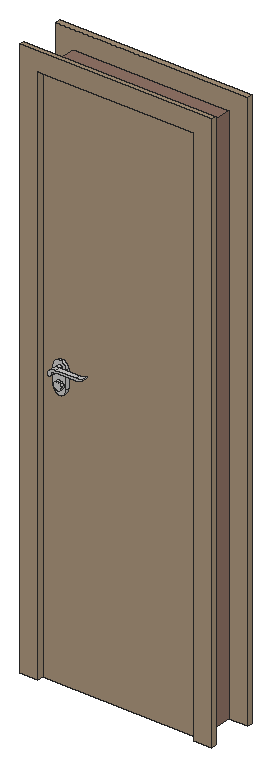
Revit family "Abrir - 1 Folha_Completa", category Portas, Revit 2015
Parameters (values of type "60x210")
  Tipo de construção = "residêncial"
  Máscara da folha visível [instance] = no
  Moldura da porta = Tábua de fibra orientada
  Maçaneta da porta = Painel de metal
  Marco = Amendoeira
  Largura bruta = Largura + (Espessura do Marco * 2)  # 67 cm
  Função = Interior
  Projeção da moldura externa = 2 cm
  Projeção da moldura interna = 2 cm
  Largura da moldura = 7 cm
  Folha da porta = Tábua de fibra orientada
  Espessura do Marco = 3.5 cm
  Espessura = 3.5 cm
  Autor = "Marco Rocha"
  Altura bruta = Altura + Espessura do Marco  # 213.5 cm
  Altura = 210 cm
  Fechamento da parede = Por hospedeiro
  Largura = 60 cm
Types (6, lengths in cm): name | Largura bruta | Espessura | Largura
  (no name) | 67 | 3.5 | 60
  60x210 | 67 | 3.5 | 60
  70x210 | 77 | 3.5 | 70
  80x210 | 87 | 3.5 | 80
  90x210 | 97 | 3.5 | 90
  100x210 | 107 | 4 | 100
Reference planes (cm)
  plane 1: y = 0
  plane 2 "Centro (Esquerda/Direita)": x = 0
  plane 3 "Esquerda": x = -30
  plane 4 "Direita": x = 30
  plane 5: z = 210
  plane 6 "Exterior": y = 7.5
  plane 7 "Interior": y = -7.5
  plane 8: x = -33.5
  plane 9: x = 33.5
  plane 10: z = 213.5
  plane 11: y = -4
  plane 12: x = 29
  plane 13: x = 26.5
  plane 14: y = -67.5
  plane 15: y = -60
  plane 16: y = -80
  plane 17: y = -60
Forms (cm)
  Extrusion 1, solid, material "Tábua de fibra orientada" <- "Folha da porta"
    sketch origin (0, 0, 0) x (1, 0, 0) y (0, 1, 0)
      loop
        line (-30, -4) -> (-30, -7.5) -> (30, -7.5) -> (30, -4) -> (-30, -4)
    from 0 to 210
  Sweep 2, solid, material "Amendoeira" <- "Marco", detail levels medium+fine
    path in 3D
      loop
        line (30, 7.5, 0) -> (30, 7.5, 210) -> (-30, 7.5, 210) -> (-30, 7.5, 0)
    profile origin (30, 7.5, 105) x (0, 1, 0) y (-1, 0, 0)
      loop
        line (0, 0) -> (0, 1) -> (-11.5, 1) -> (-11.5, 0) -> (0, 0)
  Extrusion 3, solid, material "Tábua de fibra orientada" <- "Moldura da porta", detail levels medium+fine
    sketch origin (0, 7.5, 0) x (1, 0, 0) y (0, 0, 1)
      loop
        line (30, 210) -> (30, 0) -> (37, 0) -> (37, 217) -> (-37, 217) -> (-37, 0) -> (-30, 0) -> (-30, 210) -> (30, 210)
    from -2 to 0
  Extrusion 4, solid, material "Tábua de fibra orientada" <- "Moldura da porta", detail levels medium+fine
    sketch origin (0, -7.5, 0) x (1, 0, 0) y (0, 0, -1)
      loop
        line (30, -210) -> (-30, -210) -> (-30, 0) -> (-37, 0) -> (-37, -217) -> (37, -217) -> (37, 0) -> (30, 0) -> (30, -210)
    from -2 to 0
Lines and regions (cm)
  Opening 1
    outline origin (-305, -7.5, 0) x (1, 0, 0) y (0, 0, 1)
      loop
        line (275, 0) -> (335, 0) -> (335, 210) -> (275, 210) -> (275, 0)
  Masking region 1, detail levels medium
    outline origin (0, 0, 0) x (1, 0, 0) y (0, 1, 0)
      loop
        line (-33.5, 7.5) -> (-33.5, -7.5) -> (-30, -7.5) -> (-30, 7.5) -> (-33.5, 7.5)
      loop
        line (33.5, 7.5) -> (30, 7.5) -> (30, -7.5) -> (33.5, -7.5) -> (33.5, 7.5)
  Masking region 2, detail levels medium
    outline origin (0, 0, 0) x (0, 1, 0) y (0, 0, 1)
      loop
        line (7.5, 213.5) -> (-7.5, 213.5) -> (-7.5, 210) -> (7.5, 210) -> (7.5, 213.5)
  Masking region 3, detail levels fine
    outline origin (0, 0, 0) x (0, 1, 0) y (0, 0, 1)
      loop
        line (7.5, 213.5) -> (-7.5, 213.5) -> (-7.5, 210) -> (-4, 210) -> (-4, 209) -> (7.5, 209) -> (7.5, 213.5)
  Masking region 4, visible <- "Máscara da folha visível"
    outline origin (0, 0, 0) x (1, 0, 0) y (0, 1, 0)
      loop
        line (26.5, -7.5) -> (26.5, -67.5) -> (30, -67.5) -> (30, -7.5) -> (26.5, -7.5)
  Masking region 5, visible <- "Máscara da folha visível", detail levels fine
    outline origin (-15, 20, 0) x (0, -1, 0) y (1, 0, 0)
      loop
        line (82.5, 45) -> (82.5, 46) -> (81.5, 46) -> (81.5, 47) -> (80.8, 47) -> (80.8, 51) -> (67, 51) -> (67, 49) -> (79.2, 49) -> (79.2, 47) -> (78.5, 47) -> (78.5, 46) -> (77.5, 46) -> (77.5, 45) -> (82.5, 45)
  Masking region 6, visible <- "Máscara da folha visível", not visible, detail levels fine
    outline origin (0, 0, 0) x (0, -1, 0) y (1, 0, 0)
      loop
        line (82.5, 45) -> (82.5, 46) -> (81.5, 46) -> (81.5, 47) -> (80.8, 47) -> (80.8, 51) -> (67, 51) -> (67, 49) -> (79.2, 49) -> (79.2, 47) -> (78.5, 47) -> (78.5, 46) -> (77.5, 46) -> (77.5, 45) -> (82.5, 45)
  Masking region 7, visible <- "Máscara da folha visível", detail levels fine
    outline origin (71.5, 20, 0) x (0, 1, 0) y (-1, 0, 0)
      loop
        line (-82.5, 45) -> (-77.5, 45) -> (-77.5, 46) -> (-78.5, 46) -> (-78.5, 47) -> (-79.2, 47) -> (-79.2, 49) -> (-67, 49) -> (-67, 51) -> (-80.8, 51) -> (-80.8, 47) -> (-81.5, 47) -> (-81.5, 46) -> (-82.5, 46) -> (-82.5, 45)
  Masking region 8, detail levels fine
    outline origin (0, 0, 0) x (1, 0, 0) y (0, 1, 0)
      loop
        line (29, 7.5) -> (29, -4) -> (30, -4) -> (30, -7.5) -> (33.5, -7.5) -> (33.5, 7.5) -> (29, 7.5)
      loop
        line (-29, 7.5) -> (-33.5, 7.5) -> (-33.5, -7.5) -> (-30, -7.5) -> (-30, -4) -> (-29, -4) -> (-29, 7.5)
  symbolic lines, style "Giro da elevação"
    curve 1: line (30, -7.5, 105) -> (-30, -7.5, 210)
    curve 2: line (30, -7.5, 105) -> (-30, -7.5, 0)
  symbolic lines, style "Doors"
    curve 3: line (26.5, -7.5, 0) -> (26.5, -67.5, 0)
    curve 4: line (30, -67.5, 0) -> (30, -7.5, 0)
    curve 5: line (26.5, -67.5, 0) -> (30, -67.5, 0)
    curve 6: line (30, -7.5, 0) -> (26.5, -7.5, 0)
  symbolic lines, style "Giro da planta"
    curve 7: arc (30, -67.5, 0) -> (-12.4264, -49.9264, 0) -> (-30, -7.5, 0) r 60
  sketch lines
    curve 8: line (30, 7.5, 0) -> (30, 7.5, 210)
    curve 9: line (30, 7.5, 210) -> (-30, 7.5, 210)
    curve 10: line (-30, 7.5, 210) -> (-30, 7.5, 0)
  symbolic lines, style "Puxador", detail levels fine
    curve 11: line (30, -62.5, 0) -> (30, -57.5, 0)
    curve 12: line (30, -57.5, 0) -> (31, -57.5, 0)
    curve 13: line (31, -57.5, 0) -> (31, -62.5, 0)
    curve 14: line (31, -62.5, 0) -> (30, -62.5, 0)
    curve 15: line (31, -58.5, 0) -> (32, -58.5, 0)
    curve 16: line (32, -58.5, 0) -> (32, -61.5, 0)
    curve 17: line (32, -61.5, 0) -> (31, -61.5, 0)
    curve 18: line (32, -60.8, 0) -> (36, -60.8, 0)
    curve 19: line (36, -60.8, 0) -> (36, -47, 0)
    curve 20: line (36, -47, 0) -> (34, -47, 0)
    curve 21: line (34, -47, 0) -> (34, -59.2, 0)
    curve 22: line (34, -59.2, 0) -> (32, -59.2, 0)
    curve 35: line (26.5, -62.5, 0) -> (26.5, -57.5, 0)
    curve 36: line (26.5, -57.5, 0) -> (25.5, -57.5, 0)
    curve 37: line (25.5, -57.5, 0) -> (25.5, -62.5, 0)
    curve 38: line (25.5, -62.5, 0) -> (26.5, -62.5, 0)
    curve 39: line (25.5, -58.5, 0) -> (24.5, -58.5, 0)
    curve 40: line (24.5, -58.5, 0) -> (24.5, -61.5, 0)
    curve 41: line (24.5, -61.5, 0) -> (25.5, -61.5, 0)
    curve 42: line (24.5, -60.8, 0) -> (20.5, -60.8, 0)
    curve 43: line (20.5, -60.8, 0) -> (20.5, -47, 0)
    curve 44: line (20.5, -47, 0) -> (22.5, -47, 0)
    curve 45: line (22.5, -47, 0) -> (22.5, -59.2, 0)
    curve 46: line (22.5, -59.2, 0) -> (24.5, -59.2, 0)
  symbolic lines, style "Puxador", not visible, detail levels fine
    curve 23: line (45, -82.5, 0) -> (45, -77.5, 0)
    curve 24: line (45, -77.5, 0) -> (46, -77.5, 0)
    curve 25: line (46, -77.5, 0) -> (46, -82.5, 0)
    curve 26: line (46, -82.5, 0) -> (45, -82.5, 0)
    curve 27: line (46, -78.5, 0) -> (47, -78.5, 0)
    curve 28: line (47, -78.5, 0) -> (47, -81.5, 0)
    curve 29: line (47, -81.5, 0) -> (46, -81.5, 0)
    curve 30: line (47, -80.8, 0) -> (51, -80.8, 0)
    curve 31: line (51, -80.8, 0) -> (51, -67, 0)
    curve 32: line (51, -67, 0) -> (49, -67, 0)
    curve 33: line (49, -67, 0) -> (49, -79.2, 0)
    curve 34: line (49, -79.2, 0) -> (47, -79.2, 0)
Text (cm)
  text "Exterior" at (-229.5016, 109.9543, 0), in view "Nível de referência"
  text "Exterior" at (0, 161.538, 369.8081), in view "Esquerda"
  text "Exterior" at (0, 103.6032, 387.4932), in view "Direita"
Dimensions and locks (cm)
  equal spacing: plane 3 "Esquerda", plane 2 "Centro (Esquerda/Direita)", plane 4 "Direita"
  "Largura": plane 3 "Esquerda" to plane 4 "Direita"
  "Altura": plane 5 to host wall
  equal spacing: host wall, curve 2, plane 5
  host wall to plane 10 = 213.5 cm
  locked: plane 6 "Exterior" to host wall at 0
  locked: plane 7 "Interior" to host wall
  "Espessura do Marco": plane 8 to plane 3 "Esquerda"
  "Espessura do Marco": plane 4 "Direita" to plane 9
  "Espessura do Marco": plane 10 to plane 5
  "Espessura": plane 7 "Interior" to plane 11
  locked: plane 12 to plane 4 "Direita" at 1
  "Espessura": plane 13 to plane 4 "Direita"
  "Largura": plane 14 to plane 7 "Interior"
  "Largura da moldura": Extrusion 3 sketch curve to Extrusion 3 sketch curve  (x3)
  "Projeção da moldura externa": plane 6 "Exterior" to Extrusion 3
  "Largura da moldura": Extrusion 4 sketch curve to Extrusion 4 sketch curve  (x3)
  "Projeção da moldura interna": Extrusion 4 to plane 7 "Interior"
  locked: plane 3 "Esquerda" to nested 1 at 7.5
  locked: plane 15 to plane 14 at 7.5
  locked: plane 17 to plane 14 at 7.5
  aligned and locked: plane 3 "Esquerda" to Opening 1 sketch curve
  aligned and locked: plane 5 to Opening 1 sketch curve  (x2)
  aligned and locked: Opening 1 sketch curve to plane 4 "Direita"
  aligned and locked: Opening 1 sketch curve to level
  aligned and locked: plane 5 to curve 1
  aligned and locked: plane 3 "Esquerda" to curve 2
  aligned and locked: plane 1 to host wall
  aligned and locked: plane 3 "Esquerda" to curve 1
  aligned and locked: plane 6 "Exterior" to Masking region 1 sketch curve
  aligned and locked: Masking region 1 sketch curve to plane 8
  aligned and locked: Masking region 1 sketch curve to plane 7 "Interior"
  aligned and locked: Masking region 1 sketch curve to host wall
  aligned and locked: plane 4 "Direita" to Masking region 1 sketch curve
  aligned and locked: Masking region 1 sketch curve to plane 6 "Exterior"
  aligned and locked: plane 7 "Interior" to Masking region 1 sketch curve
  aligned and locked: Masking region 1 sketch curve to plane 9
  aligned and locked: plane 10 to Masking region 2 sketch curve
  aligned and locked: Masking region 2 sketch curve to plane 5
  aligned and locked: plane 6 "Exterior" to Masking region 2 sketch curve
  aligned and locked: Masking region 2 sketch curve to plane 7 "Interior"
  aligned and locked: Masking region 3 sketch curve to plane 6 "Exterior"
  aligned and locked: plane 11 to Masking region 3 sketch curve
  aligned and locked: Masking region 3 sketch curve to plane 5
  aligned and locked: Masking region 3 sketch curve to plane 10
  aligned and locked: Masking region 3 sketch curve to plane 7 "Interior"
  aligned and locked: curve 3 to plane 13
  aligned and locked: curve 4 to plane 4 "Direita"
  aligned and locked: curve 5 to plane 14
  aligned and locked: curve 6 to plane 7 "Interior"
  aligned and locked: curve 7 to host wall
  aligned and locked: Masking region 4 sketch curve to curve 6
  aligned and locked: Masking region 4 sketch curve to curve 3
  aligned and locked: Masking region 4 sketch curve to curve 5
  aligned and locked: Masking region 4 sketch curve to curve 4
  aligned and locked: Extrusion 1 sketch curve to plane 3 "Esquerda"
  aligned and locked: plane 4 "Direita" to Extrusion 1 sketch curve
  aligned and locked: Extrusion 1 sketch curve to plane 11
  aligned and locked: Extrusion 1 sketch curve to plane 7 "Interior"
  aligned and locked: Extrusion 1 to plane 5
  aligned and locked: profile plane to Sweep 2 sketch curve
  aligned and locked: Sweep 2 sketch curve to plane 6 "Exterior"
  aligned and locked: Sweep 2 sketch curve to plane 12
  aligned and locked: Sweep 2 sketch curve to plane 11
  aligned and locked: plane 4 "Direita" to Extrusion 3 sketch curve
  aligned and locked: plane 5 to Extrusion 3 sketch curve
  aligned and locked: plane 3 "Esquerda" to Extrusion 3 sketch curve
  aligned and locked: Extrusion 3 sketch curve to level
  aligned and locked: level to Extrusion 3 sketch curve
  aligned and locked: Extrusion 3 to host wall
  aligned and locked: Extrusion 4 to plane 7 "Interior"
  aligned and locked: nested 1 to plane 7 "Interior"
  aligned and locked: curve 11 to plane 4 "Direita"
  aligned and locked: plane 13 to curve 35
  aligned and locked: plane 12 to Masking region 8 sketch curve
  aligned and locked: plane 9 to Masking region 8 sketch curve
  aligned and locked: plane 8 to Masking region 8 sketch curve
  aligned and locked: Masking region 8 sketch curve to plane 3 "Esquerda"
  aligned and locked: Masking region 8 sketch curve to plane 4 "Direita"
Automatic sketch dimensions
  Masking region 5 sketch curve to Masking region 5 sketch curve = 1 cm  (x6)
  Masking region 5 sketch curve to Masking region 5 sketch curve = 2 cm
  Masking region 5 sketch curve to Masking region 5 sketch curve = 0.7 cm  (x2)
  Masking region 5 sketch curve to Masking region 5 sketch curve = 1.6 cm
  Masking region 5 sketch curve to Masking region 5 sketch curve = 10.5 cm
  plane 15 to Masking region 5 sketch curve = 2.5 cm
  Masking region 5 sketch curve to Masking region 5 sketch curve = 3 cm
  Masking region 6 sketch curve to Masking region 6 sketch curve = 1 cm  (x6)
  Masking region 6 sketch curve to Masking region 6 sketch curve = 2 cm
  Masking region 6 sketch curve to Masking region 6 sketch curve = 0.7 cm  (x2)
  Masking region 6 sketch curve to Masking region 6 sketch curve = 1.6 cm
  Masking region 6 sketch curve to Masking region 6 sketch curve = 10.5 cm
  plane 16 to Masking region 6 sketch curve = 2.5 cm
  Masking region 6 sketch curve to Masking region 6 sketch curve = 3 cm
  Masking region 7 sketch curve to Masking region 7 sketch curve = 1 cm  (x6)
  Masking region 7 sketch curve to Masking region 7 sketch curve = 2 cm
  Masking region 7 sketch curve to Masking region 7 sketch curve = 0.7 cm  (x2)
  Masking region 7 sketch curve to Masking region 7 sketch curve = 1.6 cm
  Masking region 7 sketch curve to Masking region 7 sketch curve = 10.5 cm
  Masking region 7 sketch curve to plane 17 = 2.5 cm
  Masking region 7 sketch curve to Masking region 7 sketch curve = 3 cm
  curve 2 to level = 0 cm
  plane 4 "Direita" to curve 2 = 0 cm
  plane 5 to Masking region 3 sketch curve = 1 cm
  Extrusion 4 sketch curve to level = 0 cm  (x2)
  plane 3 "Esquerda" to Extrusion 4 sketch curve = 0 cm
  plane 4 "Direita" to Extrusion 4 sketch curve = 0 cm
  Extrusion 4 sketch curve to plane 5 = 0 cm
  Masking region 8 sketch curve to host wall = 0 cm  (x2)
  host wall to Masking region 8 sketch curve = 0 cm  (x2)
  Masking region 8 sketch curve to plane 11 = 0 cm  (x2)
  Masking region 8 sketch curve to Masking region 8 sketch curve = 1 cm
Nested families (cm)
  nested 1: "Maçaneta da porta 2" at (-22.5, -5.75, 110), type "Maçaneta da porta 2", detail levels fine
    with Espessura do painel 3.5 cm
Definition of nested family "Maçaneta da porta 2"
  Parameters (values of type "Maçaneta da porta 2")
    Espessura do painel = 5 cm
    Material do puxador = none
    Function = (empty or 0)
  Reference planes (cm)
    plane 1 "Centro (Frente/Trás)": y = 0
    plane 2: z = 0
    plane 3 "Centro (Esquerda/Direita)": x = 0
    plane 4: y = 2.5
    plane 5: y = -2.5
    plane 6: z = -14.7114
    plane 7: y = 6.5
    plane 8: z = -6
    plane 9: y = -6.5
    plane 10: z = -6
  Forms (cm)
    Extrusion 1, solid, material <- "Material do puxador"
      sketch origin (0, -2.5, 0) x (-1, 0, 0) y (0, 0, -1)
        loop
          line (2.5, 0) -> (2.5, 7)
          arc (2.5, 7) -> (0, 9.5) -> (-2.5, 7) r 2.5
          line (-2.5, 7) -> (-2.5, 0)
          arc (-2.5, 0) -> (0, -2.5) -> (2.5, 0) r 2.5
      from 0 to 1
    Extrusion 2, solid, material <- "Material do puxador"
      sketch origin (0, 2.5, 0) x (-1, 0, 0) y (0, 0, -1)
        loop
          line (2.5, 0) -> (2.5, 7)
          arc (2.5, 7) -> (0, 9.5) -> (-2.5, 7) r 2.5
          line (-2.5, 7) -> (-2.5, 0)
          arc (-2.5, 0) -> (0, -2.5) -> (2.5, 0) r 2.5
      from 0 to -1
    Extrusion 3, solid, material <- "Material do puxador"
      sketch origin (0, -2.5, 0) x (-1, 0, 0) y (0, 0, -1)
        loop
          circle (0, 0) r 0.8
      from 1 to 4
    Extrusion 4, solid, material <- "Material do puxador"
      sketch origin (0, 2, 0) x (-1, 0, 0) y (0, 0, 1)
        loop
          circle (0, 0) r 0.8
      from 1.5 to 4.5
    Extrusion 5, solid, material <- "Material do puxador"
      sketch origin (0, -6.5, 0) x (1, 0, 0) y (0, 0, 1)
        loop
          arc (-0.6508, 0.4652) -> (-0.2443, -0.7618) -> (0.8, 0) r 0.8
          arc (0.8, 0) -> (1.4532, 0.9391) -> (2.5386, 1.3) r 1.8126
          line (2.5386, 1.3) -> (10.1644, 1.3)
          arc (10.1644, 1.3) -> (11.641, 1.5798) -> (13, 2.2214) r 5.9379
          line (13, 2.2214) -> (13, 2.5)
          arc (13, 2.5) -> (11.604, 2.1265) -> (10.1644, 2) r 8.3285
          line (10.1644, 2) -> (2.5367, 2)
          arc (2.5367, 2) -> (0.7493, 1.6348) -> (-0.6508, 0.4652) r 3.7283
      from 0 to 2
    Extrusion 6, solid, material <- "Material do puxador"
      sketch origin (0, 6.5, 0) x (1, 0, 0) y (0, 0, -1)
        loop
          arc (0.8, 0) -> (-0.2443, 0.7618) -> (-0.6508, -0.4652) r 0.8
          arc (-0.6508, -0.4652) -> (0.7493, -1.6348) -> (2.5367, -2) r 3.7283
          line (2.5367, -2) -> (10.1644, -2)
          arc (10.1644, -2) -> (11.604, -2.1265) -> (13, -2.5) r 8.3285
          line (13, -2.5) -> (13, -2.2214)
          arc (13, -2.2214) -> (11.641, -1.5798) -> (10.1644, -1.3) r 5.9379
          line (10.1644, -1.3) -> (2.5386, -1.3)
          arc (2.5386, -1.3) -> (1.4532, -0.9391) -> (0.8, 0) r 1.8126
      from 0 to 2
    Extrusion 7, solid, material <- "Material do puxador"
      sketch origin (0, -3.5, 1) x (-1, 0, 0) y (0, 0, -1)
        loop
          circle (0, 7) r 1.5
      from 0 to 1
    Extrusion 8, solid, material <- "Material do puxador"
      sketch origin (0, 3.5, 0) x (-1, 0, 0) y (0, 0, 1)
        loop
          circle (0, -6) r 1.5
      from 0 to 1
  Dimensions and locks (cm)
    equal spacing: plane 5, plane 1 "Centro (Frente/Trás)", plane 4
    "Espessura do painel": plane 5 to plane 4
    locked: plane 4 to plane 7 at 4
    locked: plane 9 to plane 5 at 4
    locked: Extrusion 6 to plane 7 at 2
    locked: plane 9 to Extrusion 5 at 2
    locked: plane 2 to plane 10 at 6
    aligned and locked: Extrusion 3 to Extrusion 1
    aligned and locked: Extrusion 4 to Extrusion 2
    aligned and locked: plane 7 to Extrusion 6
    aligned and locked: Extrusion 4 to plane 7
    aligned and locked: plane 9 to Extrusion 5
  Automatic sketch dimensions
    Extrusion 3 sketch curve to level = 0 cm
    Extrusion 3 sketch curve to plane 3 "Centro (Esquerda/Direita)" = 0 cm
    Extrusion 4 sketch curve to level = 0 cm
    Extrusion 4 sketch curve to plane 3 "Centro (Esquerda/Direita)" = 0 cm
    Extrusion 5 sketch curve to level = 0 cm  (x2)
    Extrusion 5 sketch curve to plane 3 "Centro (Esquerda/Direita)" = 0 cm
    Extrusion 5 sketch curve to plane 3 "Centro (Esquerda/Direita)" = 0.6508 cm
    plane 3 "Centro (Esquerda/Direita)" to Extrusion 5 sketch curve = 0.8 cm
    Extrusion 5 sketch curve to level = 1.7244 cm
    Extrusion 5 sketch curve to Extrusion 5 sketch curve = 1.5668 cm
    level to Extrusion 5 sketch curve = 2 cm
    Extrusion 5 sketch curve to Extrusion 5 sketch curve = 0.0019 cm
    Extrusion 5 sketch curve to Extrusion 5 sketch curve = 2.8356 cm
    Extrusion 5 sketch curve to Extrusion 5 sketch curve = 0 cm
    Extrusion 5 sketch curve to level = 0.5126 cm
    level to Extrusion 5 sketch curve = 2.2214 cm
    Extrusion 5 sketch curve to Extrusion 5 sketch curve = 0.2786 cm
    Extrusion 5 sketch curve to Extrusion 5 sketch curve = 7.2693 cm
    Extrusion 5 sketch curve to Extrusion 5 sketch curve = 0.3517 cm
    Extrusion 5 sketch curve to Extrusion 5 sketch curve = 0.3583 cm
    Extrusion 6 sketch curve to level = 0 cm
    Extrusion 6 sketch curve to plane 3 "Centro (Esquerda/Direita)" = 0 cm
    level to Extrusion 6 sketch curve = 0.4652 cm
    Extrusion 6 sketch curve to plane 3 "Centro (Esquerda/Direita)" = 0.6508 cm
    Extrusion 6 sketch curve to level = 1.7244 cm
    Extrusion 6 sketch curve to Extrusion 6 sketch curve = 1.5668 cm
    Extrusion 6 sketch curve to Extrusion 6 sketch curve = 0.0019 cm
    Extrusion 6 sketch curve to level = 0.5126 cm
    Extrusion 6 sketch curve to Extrusion 6 sketch curve = 0.1719 cm
    Extrusion 6 sketch curve to Extrusion 6 sketch curve = 7.2693 cm
    Extrusion 6 sketch curve to Extrusion 6 sketch curve = 0.3517 cm
    Extrusion 6 sketch curve to Extrusion 6 sketch curve = 0.3583 cm
    Extrusion 6 sketch curve to Extrusion 6 sketch curve = 0 cm
    level to Extrusion 6 sketch curve = 2.2214 cm
    Extrusion 6 sketch curve to Extrusion 6 sketch curve = 2.8356 cm
    Extrusion 6 sketch curve to Extrusion 6 sketch curve = 0.2786 cm
    Extrusion 1 sketch curve to plane 3 "Centro (Esquerda/Direita)" = 0 cm
    Extrusion 1 sketch curve to level = 0 cm
    Extrusion 1 sketch curve to plane 3 "Centro (Esquerda/Direita)" = 2.5 cm
    level to Extrusion 1 sketch curve = 7 cm
    Extrusion 2 sketch curve to level = 0 cm
    Extrusion 2 sketch curve to plane 3 "Centro (Esquerda/Direita)" = 0 cm
    Extrusion 2 sketch curve to plane 3 "Centro (Esquerda/Direita)" = 2.5 cm
    level to Extrusion 2 sketch curve = 7 cm
    Extrusion 7 sketch curve to plane 3 "Centro (Esquerda/Direita)" = 0 cm
    level to Extrusion 7 sketch curve = 6 cm
    Extrusion 8 sketch curve to plane 3 "Centro (Esquerda/Direita)" = 0 cm
    Extrusion 8 sketch curve to plane 8 = 0 cm
    radius of Extrusion 3 sketch curve = 0.8 cm
    radius of Extrusion 4 sketch curve = 0.8 cm
    radius of Extrusion 7 sketch curve = 1.5 cm
    radius of Extrusion 8 sketch curve = 1.5 cm
